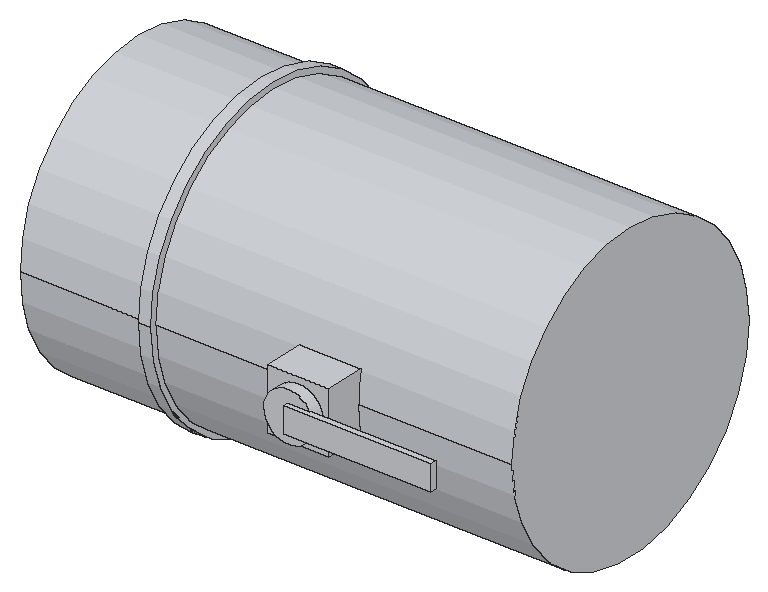
Revit family "M_Encaixe de duto redondo com abafador isolado", category Conexões de duto, Revit 2019
Family settings
  Cota do conector redondo = Usar raio
  Tipo de parte = Derivação - Ajustável
  Número OmniClass = 23.75.70.14
  Título OmniClass = Air Ductwork
  ID de item do Seek = Round Takeoff with Standoff Damper-0000-CAN-ENU
  Com base no plano de trabalho = Não
  Sempre na vertical = Sim
  Corte com vazios quando carregada = Não
  Compartilhado = Não
Parameters (values of type "Padrão")
  built-in parameter 1114214 [instance] = 125 mm
  built-in parameter 1114213 [instance] = 375 mm
  built-in parameter 1114215 [instance] = if(Diâmetro do duto > 375 mm, Diâmetro do duto, 375 mm)  # 1.2303 (stored number, unit not read)
  Comprimento reserva [instance] = 62.5 mm
  Altura reserva [instance] = 37.5 mm
  Raio 2 [instance] = Largura do puxador  # 25 mm
  Raio 1 [instance] = Raio do duto + 6 mm  # 156 mm
  Comprimento 3 [instance] = Comprimento 2 + Altura do puxador + Comprimento 1  # 206 mm
  Comprimento 2 [instance] = Altura reserva + Raio do duto  # 187.5 mm
  Comprimento 1 [instance] = 12.5 mm
  Largura do puxador [instance] = 25 mm
  Comprimento do puxador [instance] = 150 mm
  Altura do puxador [instance] = 6 mm
  Espessura da borda da cantoneira [instance] = 12.5 mm
  Raio da cantoneira de borda [instance] = Raio do duto + Extensão da cantoneira de borda  # 156 mm
  Extensão da cantoneira de borda [instance] = 6 mm
  Raio do duto [instance] = 150 mm
  Comprimento do duto 1 [instance] = Raio do duto + 75 mm  # 225 mm
  Diâmetro do duto [instance] = Raio do duto * 2  # 300 mm
Reference planes
  plane 1 "Centro (Frente/Trás)": y = 0
  plane 2: z = 0
  plane 3 "Centro (Esquerda/Direita)": x = 0
  plane 4: x = 375
  plane 5: x = -125
  plane 6: x = 187.5
  plane 7: y = -206
Forms (mm)
  Extrusion 1, solid, detail levels medium+fine
    sketch origin (0, 0, 0) x (0, 1, 0) y (0, 0, 1)
      loop
        circle (0, 0) r 150
    from 0 to 375
  Extrusion 2, solid, detail levels medium+fine
    sketch origin (-125, 1599.471, 1219.2) x (0, 1, 0) y (0, 0, 1)
      loop
        circle (-1599.471, -1219.2) r 150
    from 0 to 125
  Extrusion 3, solid, detail levels medium+fine
    sketch origin (0, 0, 0) x (0, 1, 0) y (0, 0, 1)
      loop
        circle (0, 0) r 156
    from 0 to 12.5
  Extrusion 4, solid, detail levels medium+fine
    sketch origin (0, 0, 0) x (1, 0, 0) y (0, 0, 1)
      loop
        circle (187.5, 0) r 25
    from 200 to 187.5
  Extrusion 5, solid, detail levels medium+fine
    sketch origin (0, -200, 0) x (-1, 0, 0) y (0, 0, 1)
      loop
        line (-337.5, 12.5) -> (-337.5, -12.5) -> (-187.5, -12.5) -> (-187.5, 12.5) -> (-337.5, 12.5)
    from 0 to -6
  Extrusion 6, solid, detail levels medium+fine
    sketch origin (0, 0, 0) x (1, 0, 0) y (0, 0, 1)
      loop
        line (218.75, 31.25) -> (156.25, 31.25) -> (156.25, -31.25) -> (218.75, -31.25) -> (218.75, 31.25)
    from 0 to 187.5
Cuts and joins
  joined: Extrusion 1, Extrusion 3, Extrusion 6
Lines and regions (mm)
  model lines, not visible, detail levels coarse
    curve 1: line (0, 0, 0) -> (375, 0, 0)
  model lines, detail levels coarse
    curve 2: line (187.5, -206, 0) -> (187.5, 150, 0)
    curve 3: line (187.5, -206, 0) -> (337.5, -206, 0)
Dimensions and locks
  "built-in parameter 1114214": plane 5 to plane 3 "Centro (Esquerda/Direita)"
  "Espessura da borda da cantoneira": plane 3 "Centro (Esquerda/Direita)" to Extrusion 3
  equal spacing: Extrusion 5 sketch curve, plane 2, Extrusion 5 sketch curve
  "Largura do puxador": Extrusion 5 sketch curve to Extrusion 5 sketch curve
  "Comprimento do puxador": Extrusion 5 sketch curve to Extrusion 5 sketch curve
  "Raio do duto": plane 1 "Centro (Frente/Trás)" to curve 2
  "Altura do puxador": Extrusion 5 to Extrusion 5
  equal spacing: Extrusion 6 sketch curve, plane 2, Extrusion 6 sketch curve
  "Comprimento reserva": Extrusion 6 sketch curve to Extrusion 6 sketch curve  (x2)
  equal spacing: Extrusion 6 sketch curve, plane 6, Extrusion 6 sketch curve
  "Comprimento 2": cut or joined group of Extrusion 1, Extrusion 3, Extrusion 6 to plane 1 "Centro (Frente/Trás)"
  "Comprimento 1": Extrusion 4 to cut or joined group of Extrusion 1, Extrusion 3, Extrusion 6
  "Comprimento 3": plane 7 to plane 1 "Centro (Frente/Trás)"
  "Comprimento do puxador": plane 6 to curve 3
  "built-in parameter 1114213": plane 3 "Centro (Esquerda/Direita)" to plane 4
  equal spacing: plane 3 "Centro (Esquerda/Direita)", plane 6, plane 4
  "Raio do duto": radius of Extrusion 1 sketch curve
  "Raio do duto": radius of Extrusion 2 sketch curve
  "Raio da cantoneira de borda": radius of Extrusion 3 sketch curve
  "Raio 2": radius of Extrusion 4 sketch curve
  aligned and locked: plane 1 "Centro (Frente/Trás)" to curve 1
  aligned and locked: plane 3 "Centro (Esquerda/Direita)" to curve 1
  aligned and locked: plane 2 to Extrusion 1 sketch curve
  aligned and locked: plane 1 "Centro (Frente/Trás)" to Extrusion 1 sketch curve
  aligned and locked: Extrusion 1 to plane 3 "Centro (Esquerda/Direita)"
  aligned and locked: plane 2 to Extrusion 2 sketch curve
  aligned and locked: plane 1 "Centro (Frente/Trás)" to Extrusion 2 sketch curve
  aligned and locked: plane 3 "Centro (Esquerda/Direita)" to Extrusion 2
  aligned and locked: Extrusion 2 to plane 5
  aligned and locked: plane 1 "Centro (Frente/Trás)" to Extrusion 3 sketch curve
  aligned and locked: plane 2 to Extrusion 3 sketch curve
  aligned and locked: Extrusion 3 to plane 3 "Centro (Esquerda/Direita)"
  aligned and locked: plane 2 to Extrusion 4 sketch curve
  aligned and locked: plane 6 to Extrusion 4 sketch curve
  aligned and locked: plane 6 to Extrusion 5 sketch curve
  aligned and locked: Extrusion 6 to plane 1 "Centro (Frente/Trás)"
  aligned and locked: Extrusion 4 to cut or joined group of Extrusion 1, Extrusion 3, Extrusion 6
  aligned and locked: Extrusion 5 to plane 7
  aligned and locked: plane 7 to curve 2
  aligned and locked: plane 6 to curve 3
  aligned and locked: plane 4 to Extrusion 1
  aligned and locked: plane 4 to curve 1
Connectors
  hvac at (0, 0, 0), driven by "Raio do duto"
    settings: on cut or joined group of Extrusion 1, Extrusion 3, Extrusion 6, index 1, duct flow 0.0 L/s, flow factor 0, pres drop 0.0 Pa, loss coef 0, conn angle 0.00°, conn width 304.8 mm, conn height 304.8 mm, conn diameter 300 mm, duct sys type 28, conn prof type 0, flow config 0, flow direction 0, loss method 0, conn ref index 2, conn util no, is conn primary yes, conn desc ""
  hvac at (375, 0, 0), driven by "Raio do duto"
    settings: on cut or joined group of Extrusion 1, Extrusion 3, Extrusion 6, index 2, duct flow 0.0 L/s, flow factor 0, pres drop 0.0 Pa, loss coef 0, conn angle 0.00°, conn width 304.8 mm, conn height 304.8 mm, conn diameter 300 mm, duct sys type 28, conn prof type 0, flow config 0, flow direction 0, loss method 0, conn ref index 1, conn util no, is conn primary no, conn desc ""
